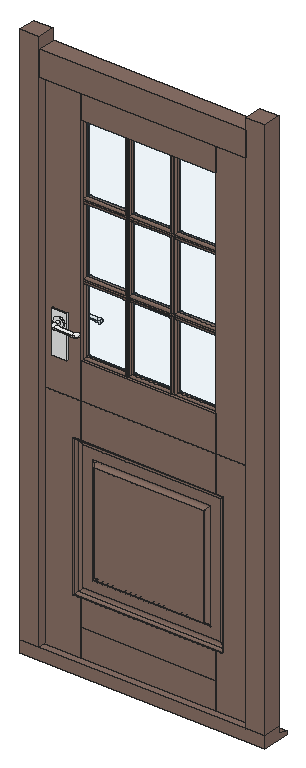
Revit family "DTI_A3-SD19S", category Doors, host Wall, Revit 2016
Family settings
  Host = Wall
  OmniClass Number = 23.30.10.00
  OmniClass Title = Doors
  Always vertical = Yes
  Cut with Voids When Loaded = No
  Shared = No
  Room Calculation Point = No
Parameters (values of type "A3 SD19S")
  URL = "www.swartland.co.za"
  Rough Width = 923 mm
  Rough Height = 2165 mm
  Model = "SD19S"
  Manufacturer = "Swartland Doors & Windows"
  Function = Exterior
  Frame Width = 74 mm
  Height = Door Height + Frame Width + Cill Height  # 2150 mm
  Wall Closure = By host
  Width = Door Width + (Frame Width * 2)  # 961 mm
  Frame Depth = 70 mm
  Door Width = 813 mm
  Door Material = Meranti
  Door Height = 2032 mm
  Door Frame Material = Meranti
  Description = "Entrance Door in Frame SD19S"
  Cill Height = 44 mm
  Assembly Code = ""
Reference planes
  plane 1 "Centre (Front/Back)": y = 0
  plane 2 "Center (Left/Right)": x = 0
  plane 3 "Left": x = -480.5
  plane 4 "Right": x = 480.5
  plane 5: z = 2150
  plane 6 "Exterior": y = 75
  plane 7 "Interior": y = -75
  plane 8: y = -35
  plane 9 "Frame exterior": y = 35
  plane 10: z = 2076
  plane 11: x = 406.5
  plane 12: x = -406.5
  plane 13 "Cill Level": z = 44
  plane 14 "Centre of door": y = 17.751
  plane 15: z = 949
  plane 16: x = 266.5
  plane 17: x = -266.5
  plane 18: x = 88.833
  plane 19: x = -88.833
Forms (mm)
  Extrusion 1, solid, material "Meranti" <- "Door Frame Material"
    sketch origin (0, 0, 44) x (1, 0, 0) y (0, 1, 0)
      loop
        line (-480.5, 35) -> (-480.5, -35) -> (-406.5, -35) -> (-406.5, 35) -> (-480.5, 35)
    from 0 to 2150 <- "Height"
  Extrusion 2, solid, material "Meranti" <- "Door Frame Material"
    sketch origin (0, 0, 44) x (-1, 0, 0) y (0, -1, 0)
      loop
        line (-480.5, -35) -> (-406.5, -35) -> (-406.5, 35) -> (-480.5, 35) -> (-480.5, -35)
    from 0 to 2150 <- "Height"
  Extrusion 3, solid, material "Meranti" <- "Door Frame Material"
    sketch origin (0, 0, 0) x (0, 1, 0) y (0, 0, 1)
      loop
        line (-35, 44) -> (-35, 0) -> (75, 0) -> (75, 15) -> (35, 25.321) -> (35, 44) -> (-35, 44)
    from -480.5 to 480.5
  Extrusion 4, solid, material "Meranti"
    sketch origin (0, 0, 0) x (0, 1, 0) y (0, 0, 1)
      loop
        line (35, 2150) -> (-35, 2150) -> (-35, 2051) -> (-5, 2051) -> (-5, 2076) -> (35, 2076) -> (35, 2150)
    from 406.5 to -406.5
  Extrusion 5, solid, material "Meranti" <- "Door Material"
    sketch origin (0, 35, 0) x (0, 0, -1) y (-1, 0, 0)
      loop
        line (-949, -406.5) -> (-44, -406.5) -> (-44, -266.5) -> (-255.513, -266.5) -> (-255.513, -296.859) -> (-809, -296.859) -> (-809, -266.5) -> (-949, -266.5) -> (-949, -406.5)
    from -40 to 0
  Extrusion 6, solid, material "Meranti" <- "Door Material"
    sketch origin (0, 35, 0) x (0, 0, -1) y (-1, 0, 0)
      loop
        line (-949, 406.5) -> (-949, 266.5) -> (-809, 266.5) -> (-809, 296.141) -> (-255.513, 296.141) -> (-255.513, 266.141) -> (-44, 266.141) -> (-44, 406.5) -> (-949, 406.5)
    from -40 to 0
  Extrusion 7, solid, material "Meranti" <- "Door Material"
    sketch origin (0, 35, -1.104) x (0, 0, -1) y (-1, 0, 0)
      loop
        line (-45.104, -266.5) -> (-45.104, 266.5) -> (-151.617, 266.5) -> (-151.617, -266.5) -> (-45.104, -266.5)
    from 0 to -40
  Extrusion 8, solid, material "Meranti"
    sketch origin (0, 35, 0) x (0, 0, -1) y (-1, 0, 0)
      loop
        line (-2076, -266.5) -> (-1936, -266.5) -> (-1936, 266.5) -> (-2076, 266.5) -> (-2076, -266.5)
    from 0 to -40
  Extrusion 9, solid, material "Meranti" <- "Door Material"
    sketch origin (0, 35, 104.578) x (0, 0, -1) y (-1, 0, 0)
      loop
        line (-45.935, -266.5) -> (-45.935, 266.5) -> (-150.935, 266.5) -> (-150.935, -266.5) -> (-45.935, -266.5)
    from 0 to -40
  Extrusion 10, solid, material "Meranti"
    sketch origin (0, 35, 0) x (0, 0, -1) y (-1, 0, 0)
      loop
        line (-949, -266.5) -> (-809, -266.5) -> (-809, 266.5) -> (-949, 266.5) -> (-949, -266.5)
    from 0 to -40
  Sweep 11, solid, material "Meranti"
    path origin (0, 17.751, 0) x (0, 0, 1) y (1, 0, 0)
      loop
        line (809, 296.859) -> (255.513, 296.859) -> (255.513, -296.141) -> (809, -296.141) -> (809, 296.859)
    profile "Door Panel Bolection Mould Profile : Door Panel Bolection Mould Profile" origin (0.359, 17.751, 809) x (0, 0, 1) y (0, 1, 0)
      loop
        line (0, 0) -> (0, 20)
        arc (0, 20) -> (-6.816, 17.116) -> (-8.853, 10) r 8.582
        arc (-8.853, 10) -> (-16.329, 6.362) -> (-24.624, 5.797) r 21.736
        line (-24.624, 5.797) -> (-64.624, 5.797)
        arc (-64.624, 5.797) -> (-75.326, 8.708) -> (-80, 18.765) r 13.157
        line (-80, 18.765) -> (-80, 0) -> (-80, -18.765)
        arc (-80, -18.765) -> (-75.326, -8.708) -> (-64.624, -5.797) r 13.157
        line (-64.624, -5.797) -> (-24.624, -5.797)
        arc (-24.624, -5.797) -> (-16.329, -6.362) -> (-8.853, -10) r 21.736
        arc (-8.853, -10) -> (-6.816, -17.116) -> (0, -20) r 8.582
        line (0, -20) -> (0, 0)
  Extrusion 12, solid, material "Meranti"
    sketch origin (0, 17.751, 0) x (0, 0, 1) y (1, 0, 0)
      loop
        line (729, 216.859) -> (335.513, 216.859) -> (335.513, -216.141) -> (729, -216.141) -> (729, 216.859)
    from 20 to -20
  Extrusion 13, solid, material "Meranti"
    sketch origin (0, 35, 140) x (0, 0, -1) y (-1, 0, 0)
      loop
        line (-949, -266.5) -> (-809, -266.5) -> (-809, 266.5) -> (-949, 266.5) -> (-949, -266.5)
    from 0 to -40
  Extrusion 14, solid, material "Meranti"
    sketch origin (0, 35, 0) x (0, 0, -1) y (-1, 0, 0)
      loop
        line (-2076, -406.5) -> (-949, -406.5) -> (-949, -266.859) -> (-2076, -266.859) -> (-2076, -406.5)
    from 0 to -40
  Extrusion 15, solid, material "Meranti"
    sketch origin (-673, 35, 0) x (0, 0, -1) y (-1, 0, 0)
      loop
        line (-2076, -406.5) -> (-949, -406.5) -> (-949, -266.5) -> (-2076, -266.5) -> (-2076, -406.5)
    from 0 to -40
  Extrusion 16, solid, material "Meranti"
    sketch origin (0, 17.751, 0) x (0, 0, 1) y (1, 0, 0)
      loop
        line (1936, 92.833) -> (1089, 92.833) -> (1089, 84.833) -> (1936, 84.833) -> (1936, 92.833)
    from 10 to -10
  Extrusion 17, solid, material "Meranti"
    sketch origin (-177.667, 17.751, 0) x (0, 0, 1) y (1, 0, 0)
      loop
        line (1936, 92.833) -> (1089, 92.833) -> (1089, 84.833) -> (1936, 84.833) -> (1936, 92.833)
    from 10 to -10
  Extrusion 18, solid, material "Meranti"
    sketch origin (0, 17.751, 0) x (0, 0, 1) y (1, 0, 0)
      loop
        line (1654, 266.5) -> (1646, 266.5) -> (1646, -266.5) -> (1654, -266.5) -> (1654, 266.5)
    from 10 to -10
  Extrusion 19, solid, material "Meranti"
    sketch origin (0, 17.751, -282) x (0, 0, 1) y (1, 0, 0)
      loop
        line (1654, 266.5) -> (1646, 266.5) -> (1646, -266.5) -> (1654, -266.5) -> (1654, 266.5)
    from 10 to -10
  Sweep 20, solid, material "Meranti"
    path origin (0, 17.751, 0) x (0, 0, 1) y (1, 0, 0)
      loop
        line (1936, 266.5) -> (1654, 266.5) -> (1654, 92.833) -> (1936, 92.833) -> (1936, 266.5)
    profile "Beading Profile : Beading Profile" origin (179.667, 17.751, 1936) x (0, 0, 1) y (0, 1, 0)
      loop
        line (0, 0) -> (0, 10.624)
        arc (0, 10.624) -> (-5.764, 9.652) -> (-10, 5.624) r 10
        line (-10, 5.624) -> (-10, -5.624)
        arc (-10, -5.624) -> (-5.764, -9.652) -> (0, -10.624) r 10
        line (0, -10.624) -> (0, 0)
  Sweep 21, solid, material "Meranti"
    path origin (-181.667, 17.751, 0) x (0, 0, 1) y (1, 0, 0)
      loop
        line (1936, 266.5) -> (1654, 266.5) -> (1654, 92.833) -> (1936, 92.833) -> (1936, 266.5)
    profile "Beading Profile : Beading Profile" origin (-2, 17.751, 1936) x (0, 0, 1) y (0, 1, 0)
      loop
        line (0, 0) -> (0, 10.624)
        arc (0, 10.624) -> (-5.764, 9.652) -> (-10, 5.624) r 10
        line (-10, 5.624) -> (-10, -5.624)
        arc (-10, -5.624) -> (-5.764, -9.652) -> (0, -10.624) r 10
        line (0, -10.624) -> (0, 0)
  Sweep 22, solid, material "Meranti"
    path origin (-359.333, 17.751, 0) x (0, 0, 1) y (1, 0, 0)
      loop
        line (1936, 266.5) -> (1654, 266.5) -> (1654, 92.833) -> (1936, 92.833) -> (1936, 266.5)
    profile "Beading Profile : Beading Profile" origin (-179.667, 17.751, 1936) x (0, 0, 1) y (0, 1, 0)
      loop
        line (0, 0) -> (0, 10.624)
        arc (0, 10.624) -> (-5.764, 9.652) -> (-10, 5.624) r 10
        line (-10, 5.624) -> (-10, -5.624)
        arc (-10, -5.624) -> (-5.764, -9.652) -> (0, -10.624) r 10
        line (0, -10.624) -> (0, 0)
  Sweep 23, solid, material "Meranti"
    path origin (-359.333, 17.751, -290) x (0, 0, 1) y (1, 0, 0)
      loop
        line (1936, 266.5) -> (1662, 266.5) -> (1662, 92.833) -> (1936, 92.833) -> (1936, 266.5)
    profile "Beading Profile : Beading Profile" origin (-179.667, 17.751, 1646) x (0, 0, 1) y (0, 1, 0)
      loop
        line (0, 0) -> (0, 10.624)
        arc (0, 10.624) -> (-5.764, 9.652) -> (-10, 5.624) r 10
        line (-10, 5.624) -> (-10, -5.624)
        arc (-10, -5.624) -> (-5.764, -9.652) -> (0, -10.624) r 10
        line (0, -10.624) -> (0, 0)
  Sweep 24, solid, material "Meranti"
    path origin (-181.663, 17.751, -290) x (0, 0, 1) y (1, 0, 0)
      loop
        line (1936, 266.5) -> (1662, 266.5) -> (1662, 92.833) -> (1936, 92.833) -> (1936, 266.5)
    profile "Beading Profile : Beading Profile" origin (-1.996, 17.751, 1646) x (0, 0, 1) y (0, 1, 0)
      loop
        line (0, 0) -> (0, 10.624)
        arc (0, 10.624) -> (-5.764, 9.652) -> (-10, 5.624) r 10
        line (-10, 5.624) -> (-10, -5.624)
        arc (-10, -5.624) -> (-5.764, -9.652) -> (0, -10.624) r 10
        line (0, -10.624) -> (0, 0)
  Sweep 25, solid, material "Meranti"
    path origin (0.004, 17.751, -290) x (0, 0, 1) y (1, 0, 0)
      loop
        line (1936, 266.5) -> (1662, 266.5) -> (1662, 92.833) -> (1936, 92.833) -> (1936, 266.5)
    profile "Beading Profile : Beading Profile" origin (179.67, 17.751, 1646) x (0, 0, 1) y (0, 1, 0)
      loop
        line (0, 0) -> (0, 10.624)
        arc (0, 10.624) -> (-5.764, 9.652) -> (-10, 5.624) r 10
        line (-10, 5.624) -> (-10, -5.624)
        arc (-10, -5.624) -> (-5.764, -9.652) -> (0, -10.624) r 10
        line (0, -10.624) -> (0, 0)
  Sweep 26, solid, material "Meranti"
    path origin (0.004, 17.751, -573.004) x (0, 0, 1) y (1, 0, 0)
      loop
        line (1936, 266.5) -> (1662, 266.5) -> (1662, 92.833) -> (1936, 92.833) -> (1936, 266.5)
    profile "Beading Profile : Beading Profile" origin (179.67, 17.751, 1362.996) x (0, 0, 1) y (0, 1, 0)
      loop
        line (0, 0) -> (0, 10.624)
        arc (0, 10.624) -> (-5.764, 9.652) -> (-10, 5.624) r 10
        line (-10, 5.624) -> (-10, -5.624)
        arc (-10, -5.624) -> (-5.764, -9.652) -> (0, -10.624) r 10
        line (0, -10.624) -> (0, 0)
  Sweep 27, solid, material "Meranti"
    path origin (-181.662, 17.751, -573.004) x (0, 0, 1) y (1, 0, 0)
      loop
        line (1936, 266.5) -> (1662, 266.5) -> (1662, 92.833) -> (1936, 92.833) -> (1936, 266.5)
    profile "Beading Profile : Beading Profile" origin (-1.995, 17.751, 1362.996) x (0, 0, 1) y (0, 1, 0)
      loop
        line (0, 0) -> (0, 10.624)
        arc (0, 10.624) -> (-5.764, 9.652) -> (-10, 5.624) r 10
        line (-10, 5.624) -> (-10, -5.624)
        arc (-10, -5.624) -> (-5.764, -9.652) -> (0, -10.624) r 10
        line (0, -10.624) -> (0, 0)
  Sweep 28, solid, material "Meranti"
    path origin (-359.329, 17.751, -573.004) x (0, 0, 1) y (1, 0, 0)
      loop
        line (1936, 266.5) -> (1662, 266.5) -> (1662, 92.833) -> (1936, 92.833) -> (1936, 266.5)
    profile "Beading Profile : Beading Profile" origin (-179.662, 17.751, 1362.996) x (0, 0, 1) y (0, 1, 0)
      loop
        line (0, 0) -> (0, 10.624)
        arc (0, 10.624) -> (-5.764, 9.652) -> (-10, 5.624) r 10
        line (-10, 5.624) -> (-10, -5.624)
        arc (-10, -5.624) -> (-5.764, -9.652) -> (0, -10.624) r 10
        line (0, -10.624) -> (0, 0)
  Extrusion 29, solid, material "Glass"
    sketch origin (0, 17.751, 0) x (0, 0, 1) y (1, 0, 0)
      loop
        line (1926, 256.5) -> (1098.996, 256.5) -> (1098.996, -256.495) -> (1926, -256.495) -> (1926, 256.5)
    from 2 to -2
Lines and regions (mm)
  Opening 1
    outline origin (-3050, -75, 0) x (1, 0, 0) y (0, 0, 1)
      loop
        line (2569.5, 0) -> (3530.5, 0) -> (3530.5, 2150) -> (2569.5, 2150) -> (2569.5, 0)
  symbolic lines
    curve 1: line (406.5, -35, 0) -> (406.5, -848, 0)
    curve 2: arc (406.5, -848, 0) -> (-168.378, -609.878, 0) -> (-406.5, -35, 0) r 813
  symbolic lines, style "Elevation Swing"
    curve 3: line (376.5, 75, 44) -> (-406.5, 75, 1038)
    curve 4: line (-406.5, 75, 1038) -> (376.5, 75, 2076)
Text (mm)
  text "Exterior" at (-2295.016, 1099.543, 0), in view "Ref. Level"
  text "Exterior" at (0, 1615.38, 3698.081), in view "Left"
  text "Exterior" at (0, 1036.032, 3874.932), in view "Right"
Dimensions and locks
  equal spacing: plane 3 "Left", plane 2 "Center (Left/Right)", plane 4 "Right"
  plane 3 "Left" to plane 4 "Right" = 961 mm
  host wall to plane 10 = 2076 mm
  locked: plane 6 "Exterior" to host wall at 0
  locked: plane 7 "Interior" to host wall
  equal spacing: plane 9 "Frame exterior", plane 1 "Centre (Front/Back)", plane 8
  "Frame Depth": plane 9 "Frame exterior" to plane 8
  "Frame Width": plane 10 to plane 5
  "Door Width": plane 12 to plane 11
  plane 9 "Frame exterior" to plane 8 = 70 mm
  "Door Height": plane 13 "Cill Level" to plane 10
  "Cill Height": level to plane 13 "Cill Level"
  "Frame Width": plane 11 to plane 4 "Right"
  "Frame Width": plane 3 "Left" to plane 12
  level to Extrusion 3 = 44 mm
  plane 13 "Cill Level" to plane 15 = 905 mm
  plane 16 to plane 11 = 140 mm
  plane 17 to plane 12 = 140 mm
  aligned and locked: plane 3 "Left" to Opening 1 sketch curve
  aligned and locked: plane 5 to Opening 1 sketch curve  (x2)
  aligned and locked: Opening 1 sketch curve to plane 4 "Right"
  aligned and locked: Opening 1 sketch curve to level
  aligned and locked: plane 1 "Centre (Front/Back)" to host wall
  aligned: Extrusion 2 to level
  aligned: Extrusion 1 to level
  aligned: plane 12 to Extrusion 3
  aligned: Extrusion 3 to plane 11
  aligned and locked: Extrusion 3 to host wall  (x2)
  aligned and locked: Extrusion 2 to plane 13 "Cill Level"
  aligned and locked: Extrusion 1 to plane 13 "Cill Level"
  aligned and locked: Extrusion 4 to plane 11
  aligned and locked: plane 12 to Extrusion 4
  aligned and locked: Extrusion 12 sketch curve to Sweep 11  (x4)
Automatic sketch dimensions
  Extrusion 1 sketch curve to plane 3 "Left" = 0 mm
  Extrusion 1 sketch curve to plane 9 "Frame exterior" = 0 mm
  Extrusion 1 sketch curve to plane 12 = 0 mm
  Extrusion 1 sketch curve to plane 8 = 0 mm
  Extrusion 2 sketch curve to plane 4 "Right" = 0 mm
  Extrusion 2 sketch curve to plane 9 "Frame exterior" = 0 mm
  Extrusion 2 sketch curve to plane 11 = 0 mm
  Extrusion 2 sketch curve to plane 8 = 0 mm
  Extrusion 3 sketch curve to level = 0 mm
  Extrusion 3 sketch curve to plane 8 = 0 mm
  Extrusion 3 sketch curve to plane 9 "Frame exterior" = 0 mm
  Extrusion 3 sketch curve to host wall = 0 mm
  Extrusion 3 sketch curve to plane 13 "Cill Level" = 0 mm
  level to Extrusion 3 sketch curve = 15 mm
  Extrusion 3 sketch curve to Extrusion 3 sketch curve = 18.679 mm
  plane 5 to Extrusion 4 sketch curve = 0 mm
  Extrusion 4 sketch curve to plane 8 = 0 mm
  plane 10 to Extrusion 4 sketch curve = 0 mm
  Extrusion 4 sketch curve to plane 9 "Frame exterior" = 0 mm
  host wall to Extrusion 4 sketch curve = 5 mm
  Extrusion 4 sketch curve to Extrusion 4 sketch curve = 25 mm
  Extrusion 5 sketch curve to plane 15 = 0 mm
  Extrusion 5 sketch curve to plane 16 = 0 mm  (x2)
  Extrusion 5 sketch curve to plane 13 "Cill Level" = 0 mm
  plane 11 to Extrusion 5 sketch curve = 0 mm
  plane 15 to Extrusion 5 sketch curve = 140 mm
  plane 13 "Cill Level" to Extrusion 5 sketch curve = 211.513 mm
  Extrusion 6 sketch curve to plane 15 = 0 mm
  Extrusion 6 sketch curve to plane 17 = 0 mm
  Extrusion 6 sketch curve to plane 13 "Cill Level" = 0 mm
  plane 12 to Extrusion 6 sketch curve = 0 mm
  Extrusion 6 sketch curve to Extrusion 6 sketch curve = 140 mm
  Extrusion 6 sketch curve to plane 17 = 29.641 mm
  plane 13 "Cill Level" to Extrusion 6 sketch curve = 211.513 mm
  plane 17 to Extrusion 6 sketch curve = 0.359 mm
  Extrusion 7 sketch curve to plane 16 = 0 mm
  Extrusion 7 sketch curve to plane 17 = 0 mm
  Extrusion 7 sketch curve to plane 13 "Cill Level" = 0 mm
  plane 13 "Cill Level" to Extrusion 7 sketch curve = 106.513 mm
  plane 12 to curve 3 = 0 mm
  curve 4 to plane 10 = 0 mm
  curve 3 to plane 13 "Cill Level" = 0 mm
  plane 11 to curve 4 = 30 mm
  plane 11 to curve 3 = 30 mm
  curve 4 to plane 15 = 89 mm
  curve 2 to plane 8 = 0 mm
  curve 2 to plane 12 = 0 mm
  curve 2 to plane 11 = 0 mm
  curve 1 to plane 8 = 0 mm
  Extrusion 8 sketch curve to plane 10 = 0 mm
  Extrusion 8 sketch curve to plane 17 = 0 mm
  Extrusion 8 sketch curve to plane 16 = 0 mm
  plane 10 to Extrusion 8 sketch curve = 140 mm
  Extrusion 9 sketch curve to plane 16 = 0 mm
  Extrusion 9 sketch curve to plane 17 = 0 mm
  plane 13 "Cill Level" to Extrusion 9 sketch curve = 211.513 mm
  Extrusion 9 sketch curve to Extrusion 9 sketch curve = 105 mm
  Extrusion 10 sketch curve to plane 15 = 0 mm
  Extrusion 10 sketch curve to plane 16 = 0 mm
  Extrusion 10 sketch curve to plane 17 = 0 mm
  Extrusion 10 sketch curve to Extrusion 10 sketch curve = 140 mm
  plane 13 "Cill Level" to Sweep 11 sketch curve = 211.513 mm
  plane 15 to Sweep 11 sketch curve = 140 mm
  Sweep 11 sketch curve to plane 17 = 29.641 mm
  Extrusion 13 sketch curve to plane 17 = 0 mm
  Extrusion 13 sketch curve to plane 16 = 0 mm
  Extrusion 13 sketch curve to plane 15 = 0 mm
  Extrusion 13 sketch curve to plane 15 = 140 mm
  Extrusion 15 sketch curve to plane 10 = 0 mm
  Extrusion 15 sketch curve to plane 15 = 0 mm
  Extrusion 15 sketch curve to plane 17 = 0 mm
  plane 12 to Extrusion 15 sketch curve = 0 mm
  Extrusion 16 sketch curve to plane 18 = 4 mm
  Extrusion 16 sketch curve to plane 15 = 140 mm
  plane 10 to Extrusion 16 sketch curve = 140 mm
  plane 18 to Extrusion 16 sketch curve = 4 mm
  Extrusion 17 sketch curve to plane 19 = 4 mm
  Extrusion 17 sketch curve to plane 15 = 140 mm
  plane 10 to Extrusion 17 sketch curve = 140 mm
  plane 19 to Extrusion 17 sketch curve = 4 mm
  Extrusion 18 sketch curve to plane 16 = 0 mm
  Extrusion 18 sketch curve to plane 17 = 0 mm
  plane 10 to Extrusion 18 sketch curve = 430 mm
  Extrusion 18 sketch curve to Extrusion 18 sketch curve = 8 mm
  Extrusion 19 sketch curve to plane 16 = 0 mm
  Extrusion 19 sketch curve to plane 17 = 0 mm
  Extrusion 19 sketch curve to plane 15 = 415 mm
  Extrusion 19 sketch curve to Extrusion 19 sketch curve = 8 mm
  Sweep 20 sketch curve to plane 16 = 0 mm
  plane 10 to Sweep 20 sketch curve = 422 mm
  plane 10 to Sweep 20 sketch curve = 140 mm
  Sweep 20 sketch curve to plane 18 = 4 mm
  plane 19 to Sweep 21 sketch curve = 0 mm
  plane 18 to Sweep 21 sketch curve = 4 mm
  plane 10 to Sweep 21 sketch curve = 422 mm
  plane 10 to Sweep 21 sketch curve = 140 mm
  Sweep 22 sketch curve to plane 17 = 0 mm
  plane 19 to Sweep 22 sketch curve = 4 mm
  plane 10 to Sweep 22 sketch curve = 422 mm
  plane 10 to Sweep 22 sketch curve = 140 mm
  Sweep 23 sketch curve to plane 17 = 0 mm
  plane 19 to Sweep 23 sketch curve = 4 mm
  Sweep 23 sketch curve to plane 15 = 423 mm
  Sweep 23 sketch curve to Sweep 23 sketch curve = 274 mm
  plane 18 to Sweep 24 sketch curve = 3.996 mm
  Sweep 24 sketch curve to plane 15 = 423 mm
  Sweep 24 sketch curve to Sweep 24 sketch curve = 274 mm
  Sweep 24 sketch curve to plane 19 = 0.004 mm
  plane 16 to Sweep 25 sketch curve = 0.004 mm
  Sweep 25 sketch curve to plane 15 = 423 mm
  Sweep 25 sketch curve to Sweep 25 sketch curve = 274 mm
  Sweep 25 sketch curve to plane 18 = 4.004 mm
  plane 16 to Sweep 26 sketch curve = 0.004 mm
  Sweep 26 sketch curve to plane 15 = 139.996 mm
  Sweep 26 sketch curve to Sweep 26 sketch curve = 274 mm
  Sweep 26 sketch curve to plane 18 = 4.004 mm
  plane 18 to Sweep 27 sketch curve = 3.995 mm
  Sweep 27 sketch curve to plane 15 = 139.996 mm
  Sweep 27 sketch curve to Sweep 27 sketch curve = 274 mm
  Sweep 27 sketch curve to plane 19 = 0.005 mm
  plane 19 to Sweep 28 sketch curve = 3.995 mm
  Sweep 28 sketch curve to plane 15 = 139.996 mm
  Sweep 28 sketch curve to Sweep 28 sketch curve = 274 mm
  plane 17 to Sweep 28 sketch curve = 0.005 mm
  Extrusion 29 sketch curve to plane 16 = 10 mm
  Extrusion 29 sketch curve to plane 15 = 149.996 mm
  plane 10 to Extrusion 29 sketch curve = 150 mm
  plane 17 to Extrusion 29 sketch curve = 10.005 mm
  Extrusion 14 sketch curve to plane 10 = 0 mm
  plane 11 to Extrusion 14 sketch curve = 0 mm
  Extrusion 14 sketch curve to plane 15 = 0 mm
  plane 16 to Extrusion 14 sketch curve = 0.359 mm
  Extrusion 5 sketch curve to Extrusion 5 sketch curve = 30.359 mm
  plane 16 to Sweep 11 sketch curve = 30.359 mm
Nested families
  nested 1: "Handle Domestic (1)" at (-409.586, -5, 1200), type "Handle Domestic (1)"
  nested 2: "Handle Domestic (1)" at (-409.586, 35, 1200), type "Handle Domestic (1)"
Definition of nested family "Handle Domestic (1)"
  Parameters
    Manufacturer = "Revit"
    Material Ironmongery = none
    Handle Z Distance = 0 mm
    Handle X Distance = 65 mm
    Function = (empty or 0)
  Reference planes
    plane 1 "Center (Front/Back)": y = 0
    plane 2: z = 0
    plane 3 "Center (Left/Right)": x = 0
    plane 4: z = 0
    plane 5: x = 65
  Forms (mm)
    Extrusion 1, solid, material <- "Material Ironmongery", detail levels medium+fine
      sketch origin (0, 0, 0) x (1, 0, 0) y (0, 0, 1)
        loop
          line (35, 40) -> (35, -125) -> (95, -125) -> (95, 40) -> (35, 40)
      from 0 to -6
    Sweep 2, solid, material <- "Material Ironmongery", detail levels medium+fine
      path origin (0, 0, 0) x (0, -1, 0) y (1, 0, 0)
        loop
          line (-10.593, 65) -> (-26, 65)
          arc (-26, 65) -> (-36.607, 69.393) -> (-41, 80) r 15
          line (-41, 80) -> (-41, 152)
          arc (-41, 152) -> (-38.657, 157.657) -> (-33, 160) r 8
      profile origin (0, 18.296, 0) x (-1, 0, 0) y (0, 0, 1)
        loop
          circle (-65, 0) r 7
    Extrusion 3, solid, material <- "Material Ironmongery", detail levels medium+fine
      sketch origin (0, 0, 0) x (1, 0, 0) y (0, 0, 1)
        loop
          circle (65, 0) r 20
      from -6 to -10.593
  Dimensions and locks
    "Handle Z Distance": plane 4 to level
    "Handle X Distance": plane 5 to plane 3 "Center (Left/Right)"
    aligned and locked: Extrusion 1 to Extrusion 3
    aligned and locked: Extrusion 3 to Sweep 2 sketch curve
  Automatic sketch dimensions
    Sweep 2 sketch curve to plane 4 = 0 mm
    Sweep 2 sketch curve to profile plane = 0 mm
    Extrusion 3 sketch curve to plane 4 = 0 mm
    Extrusion 3 sketch curve to plane 5 = 0 mm
    Sweep 2 sketch curve to plane 5 = 0 mm
    Sweep 2 sketch curve to plane 1 "Center (Front/Back)" = 41 mm
    Sweep 2 sketch curve to Sweep 2 sketch curve = 8 mm
    Sweep 2 sketch curve to Sweep 2 sketch curve = 15 mm
    Sweep 2 sketch curve to Sweep 2 sketch curve = 72 mm
    plane 5 to Extrusion 1 sketch curve = 30 mm
    Extrusion 1 sketch curve to plane 5 = 30 mm
    plane 4 to Extrusion 1 sketch curve = 125 mm
    Extrusion 1 sketch curve to plane 4 = 40 mm
    radius of Sweep 2 sketch curve = 7 mm
    radius of Extrusion 3 sketch curve = 20 mm
